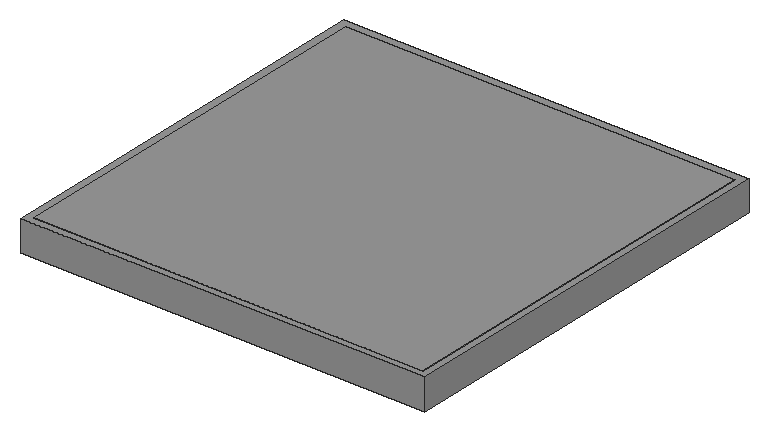
Revit family "ДВО-09 30 Вт Грильято DALI", category Осветительные приборы, Revit 2019 (continued)
Types (6, lengths in mm): name | Эффективность светильника | Файл фотометрической сетки | Тип рассеивателя | Световой поток модуля | built-in parameter 1150142 | Wattage | built-in parameter 1114217 | built-in parameter 1150134 | Lumens | built-in parameter 1150105 | Категория по ограничению яркости | built-in parameter 1150107 | built-in parameter 1150106 | Габаритная яркость | Артикул | URL
    0.0 0.0 0.0 0.0 0.0 0.0 0.0 0.0 0.0 0.0 0.0 0.0 0.0 0.0 0.0 0.0 0.0 0.0 0.0 0.0 0.0 0.0 0.0 0.0 0.0 0.0 0.0 0.0 0.0 0.0 0.0 0.0 0.0 0.0 0.0 0.0 0.0 0.0 0.0 0.0 0.0 0.0\r\n1213.1 1212.4 1211.4 1209.9 1207.9 1205.4 1202.5 1199.2 1195.4 1191.4 1186.7 1181.5 1176.1 1170.0 1163.6 1156.8 1149.5 1141.8 1133.8 1125.3 1116.3 1106.9 1097.4 1087.3 1076.9 1066.0 1055.1 1043.6 1032.1 1020.1 1007.7 995.1 982.0 968.3 954.5 940.5 926.0 911.6 896.4 881.5 865.6 850.1 833.9 817.7 801.0 784.3 767.3 750.5 733.2 716.1 698.4 680.8 662.5 644.3 625.5 606.7 587.4 568.2 548.4 528.9 509.0 489.1 468.8 448.8 428.2 407.8 387.1 366.6 345.6 325.0 304.0 283.4 262.5 242.3 221.7 201.9 182.0 162.7 143.6 124.9 107.4 90.3 74.6 59.7 46.8 35.2 26.0 18.6 13.5 10.1 7.9 6.9 6.3 6.1 6.2 6.2 6.2 6.2 6.3 6.4 0.0 0.0 0.0 0.0 0.0 0.0 0.0 0.0 0.0 0.0 0.0 0.0 0.0 0.0 0.0 0.0 0.0 0.0 0.0 0.0 0.0 0.0 0.0 0.0 0.0 0.0 0.0 0.0 0.0 0.0 0.0 0.0 0.0 0.0 0.0 0.0 0.0 0.0 0.0 0.0 0.0 0.0 0.0 0.0 0.0 0.0 0.0 0.0 0.0 0.0 0.0 0.0 0.0 0.0 0.0 0.0 0.0 0.0 0.0 0.0 0.0\r\n1213.1 1212.4 1211.2 1209.5 1207.3 1204.6 1201.4 1197.9 1193.9 1189.7 1184.8 1179.6 1173.9 1167.8 1161.1 1154.1 1146.5 1138.6 1130.3 1121.6 1112.5 1102.9 1093.3 1083.0 1072.6 1061.6 1050.5 1038.7 1027.0 1014.6 1002.0 989.0 975.7 961.8 947.9 933.7 919.2 904.6 889.6 874.5 859.0 843.5 827.5 811.2 794.7 777.8 760.8 743.6 726.1 708.5 690.7 672.6 654.3 635.8 617.2 598.2 579.1 559.8 540.3 520.6 500.6 480.7 460.3 440.2 419.4 399.0 378.2 357.6 336.7 316.2 295.3 275.0 254.3 234.4 214.1 194.5 175.0 156.0 137.2 119.1 101.8 85.3 70.0 55.8 43.3 32.6 23.9 17.1 12.4 9.3 7.5 6.7 6.4 6.3 6.4 6.4 6.3 6.4 6.5 6.6 0.0 0.0 0.0 0.0 0.0 0.0 0.0 0.0 0.0 0.0 0.0 0.0 0.0 0.0 0.0 0.0 0.0 0.0 0.0 0.0 0.0 0.0 0.0 0.0 0.0 0.0 0.0 0.0 0.0 0.0 0.0 0.0 0.0 0.0 0.0 0.0 0.0 0.0 0.0 0.0 0.0 0.0 0.0 0.0 0.0 0.0 0.0 0.0 0.0 0.0 0.0 0.0 0.0 0.0 0.0 0.0 0.0 0.0 0.0 0.0 0.0\r\n1213.1 1212.4 1211.0 1209.0 1206.6 1203.8 1200.3 1196.6 1192.3 1187.9 1182.9 1177.6 1171.6 1165.5 1158.5 1151.3 1143.5 1135.3 1126.8 1117.8 1108.6 1098.9 1089.1 1078.7 1068.2 1057.1 1045.8 1033.8 1021.8 1009.1 996.3 982.8 969.3 955.2 941.2 926.8 912.4 897.5 882.7 867.5 852.4 836.8 821.0 804.7 788.4 771.2 754.2 736.6 719.0 700.8 683.0 664.4 646.1 627.2 608.8 589.7 570.8 551.3 532.1 512.2 492.1 472.3 451.8 431.6 410.6 390.1 369.2 348.6 327.7 307.3 286.6 266.5 246.0 226.4 206.4 187.1 167.9 149.3 130.8 113.3 96.2 80.2 65.4 51.9 39.8 29.9 21.7 15.6 11.2 8.5 7.0 6.5 6.4 6.4 6.5 6.6 6.4 6.6 6.7 6.7 0.0 0.0 0.0 0.0 0.0 0.0 0.0 0.0 0.0 0.0 0.0 0.0 0.0 0.0 0.0 0.0 0.0 0.0 0.0 0.0 0.0 0.0 0.0 0.0 0.0 0.0 0.0 0.0 0.0 0.0 0.0 0.0 0.0 0.0 0.0 0.0 0.0 0.0 0.0 0.0 0.0 0.0 0.0 0.0 0.0 0.0 0.0 0.0 0.0 0.0 0.0 0.0 0.0 0.0 0.0 0.0 0.0 0.0 0.0 0.0 0.0\r\n1213.1 1212.5 1211.3 1209.5 1207.5 1205.0 1202.2 1198.8 1194.8 1190.7 1186.0 1181.0 1175.4 1169.1 1162.5 1155.4 1147.9 1140.1 1131.6 1123.0 1114.0 1104.9 1095.6 1085.8 1075.4 1064.4 1053.3 1041.6 1029.7 1017.2 1004.6 991.4 978.3 964.7 951.1 937.4 923.4 908.9 894.5 879.4 864.4 848.5 832.5 815.9 799.4 782.4 765.5 748.1 730.8 713.1 695.7 677.3 659.3 640.5 621.9 602.4 583.3 563.7 544.6 524.8 505.4 485.4 465.4 444.8 424.7 403.8 382.9 362.4 341.4 320.7 299.8 279.3 258.6 238.4 217.9 198.2 178.3 159.2 140.1 121.9 104.0 87.4 71.6 57.5 44.5 33.3 24.2 17.3 12.3 9.1 7.2 6.3 6.1 6.1 6.1 6.2 6.1 6.2 6.3 6.2 0.0 0.0 0.0 0.0 0.0 0.0 0.0 0.0 0.0 0.0 0.0 0.0 0.0 0.0 0.0 0.0 0.0 0.0 0.0 0.0 0.0 0.0 0.0 0.0 0.0 0.0 0.0 0.0 0.0 0.0 0.0 0.0 0.0 0.0 0.0 0.0 0.0 0.0 0.0 0.0 0.0 0.0 0.0 0.0 0.0 0.0 0.0 0.0 0.0 0.0 0.0 0.0 0.0 0.0 0.0 0.0 0.0 0.0 0.0 0.0 0.0\r\n1213.1 1212.5 1211.4 1209.7 1207.7 1205.2 1202.4 1199.0 1195.1 1191.1 1186.4 1181.3 1175.8 1169.6 1163.1 1156.1 1148.7 1141.0 1132.7 1124.2 1115.2 1105.9 1096.5 1086.6 1076.2 1065.2 1054.2 1042.6 1030.9 1018.7 1006.2 993.3 980.2 966.5 952.8 939.0 924.7 910.3 895.5 880.5 865.0 849.3 833.2 816.8 800.2 783.4 766.4 749.3 732.0 714.6 697.1 679.1 660.9 642.4 623.7 604.6 585.4 566.0 546.5 526.9 507.2 487.3 467.1 446.8 426.5 405.8 385.0 364.5 343.5 322.9 301.9 281.4 260.6 240.4 219.8 200.1 180.2 161.0 141.9 123.4 105.7 88.9 73.1 58.6 45.7 34.3 25.1 18.0 12.9 9.6 7.6 6.6 6.2 6.1 6.2 6.2 6.2 6.2 6.3 6.3 0.0 0.0 0.0 0.0 0.0 0.0 0.0 0.0 0.0 0.0 0.0 0.0 0.0 0.0 0.0 0.0 0.0 0.0 0.0 0.0 0.0 0.0 0.0 0.0 0.0 0.0 0.0 0.0 0.0 0.0 0.0 0.0 0.0 0.0 0.0 0.0 0.0 0.0 0.0 0.0 0.0 0.0 0.0 0.0 0.0 0.0 0.0 0.0 0.0 0.0 0.0 0.0 0.0 0.0 0.0 0.0 0.0 0.0 0.0 0.0 0.0\r\n1213.1 1212.4 1211.4 1209.9 1207.9 1205.4 1202.5 1199.2 1195.4 1191.4 1186.7 1181.5 1176.1 1170.0 1163.6 1156.8 1149.5 1141.8 1133.8 1125.3 1116.3 1106.9 1097.4 1087.3 1076.9 1066.0 1055.1 1043.6 1032.1 1020.1 1007.7 995.1 982.0 968.3 954.5 940.5 926.0 911.6 896.4 881.5 865.6 850.1 833.9 817.7 801.0 784.3 767.3 750.5 733.2 716.1 698.4 680.8 662.5 644.3 625.5 606.7 587.4 568.2 548.4 528.9 509.0 489.1 468.8 448.8 428.2 407.8 387.1 366.6 345.6 325.0 304.0 283.4 262.5 242.3 221.7 201.9 182.0 162.7 143.6 124.9 107.4 90.3 74.6 59.7 46.8 35.2 26.0 18.6 13.5 10.1 7.9 6.9 6.3 6.1 6.2 6.2 6.2 6.2 6.3 6.4 0.0 0.0 0.0 0.0 0.0 0.0 0.0 0.0 0.0 0.0 0.0 0.0 0.0 0.0 0.0 0.0 0.0 0.0 0.0 0.0 0.0 0.0 0.0 0.0 0.0 0.0 0.0 0.0 0.0 0.0 0.0 0.0 0.0 0.0 0.0 0.0 0.0 0.0 0.0 0.0 0.0 0.0 0.0 0.0 0.0 0.0 0.0 0.0 0.0 0.0 0.0 0.0 0.0 0.0 0.0 0.0 0.0 0.0 0.0 0.0 0.0\r\n1213.1 1212.4 1211.2 1209.5 1207.3 1204.6 1201.4 1197.9 1193.9 1189.7 1184.8 1179.6 1173.9 1167.8 1161.1 1154.1 1146.5 1138.6 1130.3 1121.6 1112.5 1102.9 1093.3 1083.0 1072.6 1061.6 1050.5 1038.7 1027.0 1014.6 1002.0 989.0 975.7 961.8 947.9 933.7 919.2 904.6 889.6 874.5 859.0 843.5 827.5 811.2 794.7 777.8 760.8 743.6 726.1 708.5 690.7 672.6 654.3 635.8 617.2 598.2 579.1 559.8 540.3 520.6 500.6 480.7 460.3 440.2 419.4 399.0 378.2 357.6 336.7 316.2 295.3 275.0 254.3 234.4 214.1 194.5 175.0 156.0 137.2 119.1 101.8 85.3 70.0 55.8 43.3 32.6 23.9 17.1 12.4 9.3 7.5 6.7 6.4 6.3 6.4 6.4 6.3 6.4 6.5 6.6 0.0 0.0 0.0 0.0 0.0 0.0 0.0 0.0 0.0 0.0 0.0 0.0 0.0 0.0 0.0 0.0 0.0 0.0 0.0 0.0 0.0 0.0 0.0 0.0 0.0 0.0 0.0 0.0 0.0 0.0 0.0 0.0 0.0 0.0 0.0 0.0 0.0 0.0 0.0 0.0 0.0 0.0 0.0 0.0 0.0 0.0 0.0 0.0 0.0 0.0 0.0 0.0 0.0 0.0 0.0 0.0 0.0 0.0 0.0 0.0 0.0\r\n1213.1 1212.4 1211.0 1209.0 1206.6 1203.8 1200.3 1196.6 1192.3 1187.9 1182.9 1177.6 1171.6 1165.5 1158.5 1151.3 1143.5 1135.3 1126.8 1117.8 1108.6 1098.9 1089.1 1078.7 1068.2 1057.1 1045.8 1033.8 1021.8 1009.1 996.3 982.8 969.3 955.2 941.2 926.8 912.4 897.5 882.7 867.5 852.4 836.8 821.0 804.7 788.4 771.2 754.2 736.6 719.0 700.8 683.0 664.4 646.1 627.2 608.8 589.7 570.8 551.3 532.1 512.2 492.1 472.3 451.8 431.6 410.6 390.1 369.2 348.6 327.7 307.3 286.6 266.5 246.0 226.4 206.4 187.1 167.9 149.3 130.8 113.3 96.2 80.2 65.4 51.9 39.8 29.9 21.7 15.6 11.2 8.5 7.0 6.5 6.4 6.4 6.5 6.6 6.4 6.6 6.7 6.7 0.0 0.0 0.0 0.0 0.0 0.0 0.0 0.0 0.0 0.0 0.0 0.0 0.0 0.0 0.0 0.0 0.0 0.0 0.0 0.0 0.0 0.0 0.0 0.0 0.0 0.0 0.0 0.0 0.0 0.0 0.0 0.0 0.0 0.0 0.0 0.0 0.0 0.0 0.0 0.0 0.0 0.0 0.0 0.0 0.0 0.0 0.0 0.0 0.0 0.0 0.0 0.0 0.0 0.0 0.0 0.0 0.0 0.0 0.0 0.0 0.0\r\n1213.1 1212.5 1211.3 1209.5 1207.5 1205.0 1202.2 1198.8 1194.8 1190.7 1186.0 1181.0 1175.4 1169.1 1162.5 1155.4 1147.9 1140.1 1131.6 1123.0 1114.0 1104.9 1095.6 1085.8 1075.4 1064.4 1053.3 1041.6 1029.7 1017.2 1004.6 991.4 978.3 964.7 951.1 937.4 923.4 908.9 894.5 879.4 864.4 848.5 832.5 815.9 799.4 782.4 765.5 748.1 730.8 713.1 695.7 677.3 659.3 640.5 621.9 602.4 583.3 563.7 544.6 524.8 505.4 485.4 465.4 444.8 424.7 403.8 382.9 362.4 341.4 320.7 299.8 279.3 258.6 238.4 217.9 198.2 178.3 159.2 140.1 121.9 104.0 87.4 71.6 57.5 44.5 33.3 24.2 17.3 12.3 9.1 7.2 6.3 6.1 6.1 6.1 6.2 6.1 6.2 6.3 6.2 0.0 0.0 0.0 0.0 0.0 0.0 0.0 0.0 0.0 0.0 0.0 0.0 0.0 0.0 0.0 0.0 0.0 0.0 0.0 0.0 0.0 0.0 0.0 0.0 0.0 0.0 0.0 0.0 0.0 0.0 0.0 0.0 0.0 0.0 0.0 0.0 0.0 0.0 0.0 0.0 0.0 0.0 0.0 0.0 0.0 0.0 0.0 0.0 0.0 0.0 0.0 0.0 0.0 0.0 0.0 0.0 0.0 0.0 0.0 0.0 0.0\r\n1213.1 1212.5 1211.4 1209.7 1207.7 1205.2 1202.4 1199.0 1195.1 1191.1 1186.4 1181.3 1175.8 1169.6 1163.1 1156.1 1148.7 1141.0 1132.7 1124.2 1115.2 1105.9 1096.5 1086.6 1076.2 1065.2 1054.2 1042.6 1030.9 1018.7 1006.2 993.3 980.2 966.5 952.8 939.0 924.7 910.3 895.5 880.5 865.0 849.3 833.2 816.8 800.2 783.4 766.4 749.3 732.0 714.6 697.1 679.1 660.9 642.4 623.7 604.6 585.4 566.0 546.5 526.9 507.2 487.3 467.1 446.8 426.5 405.8 385.0 364.5 343.5 322.9 301.9 281.4 260.6 240.4 219.8 200.1 180.2 161.0 141.9 123.4 105.7 88.9 73.1 58.6 45.7 34.3 25.1 18.0 12.9 9.6 7.6 6.6 6.2 6.1 6.2 6.2 6.2 6.2 6.3 6.3 0.0 0.0 0.0 0.0 0.0 0.0 0.0 0.0 0.0 0.0 0.0 0.0 0.0 0.0 0.0 0.0 0.0 0.0 0.0 0.0 0.0 0.0 0.0 0.0 0.0 0.0 0.0 0.0 0.0 0.0 0.0 0.0 0.0 0.0 0.0 0.0 0.0 0.0 0.0 0.0 0.0 0.0 0.0 0.0 0.0 0.0 0.0 0.0 0.0 0.0 0.0 0.0 0.0 0.0 0.0 0.0 0.0 0.0 0.0 0.0 0.0\r\n1213.1 1212.4 1211.4 1209.9 1207.9 1205.4 1202.5 1199.2 1195.4 1191.4 1186.7 1181.5 1176.1 1170.0 1163.6 1156.8 1149.5 1141.8 1133.8 1125.3 1116.3 1106.9 1097.4 1087.3 1076.9 1066.0 1055.1 1043.6 1032.1 1020.1 1007.7 995.1 982.0 968.3 954.5 940.5 926.0 911.6 896.4 881.5 865.6 850.1 833.9 817.7 801.0 784.3 767.3 750.5 733.2 716.1 698.4 680.8 662.5 644.3 625.5 606.7 587.4 568.2 548.4 528.9 509.0 489.1 468.8 448.8 428.2 407.8 387.1 366.6 345.6 325.0 304.0 283.4 262.5 242.3 221.7 201.9 182.0 162.7 143.6 124.9 107.4 90.3 74.6 59.7 46.8 35.2 26.0 18.6 13.5 10.1 7.9 6.9 6.3 6.1 6.2 6.2 6.2 6.2 6.3 6.4 0.0 0.0 0.0 0.0 0.0 0.0 0.0 0.0 0.0 0.0 0.0 0.0 0.0 0.0 0.0 0.0 0.0 0.0 0.0 0.0 0.0 0.0 0.0 0.0 0.0 0.0 0.0 0.0 0.0 0.0 0.0 0.0 0.0 0.0 0.0 0.0 0.0 0.0 0.0 0.0 0.0 0.0 0.0 0.0 0.0 0.0 0.0 0.0 0.0 0.0 0.0 0.0 0.0 0.0 0.0 0.0 0.0 0.0 0.0 0.0 0.0\r\n1213.1 1212.4 1211.2 1209.5 1207.3 1204.6 1201.4 1197.9 1193.9 1189.7 1184.8 1179.6 1173.9 1167.8 1161.1 1154.1 1146.5 1138.6 1130.3 1121.6 1112.5 1102.9 1093.3 1083.0 1072.6 1061.6 1050.5 1038.7 1027.0 1014.6 1002.0 989.0 975.7 961.8 947.9 933.7 919.2 904.6 889.6 874.5 859.0 843.5 827.5 811.2 794.7 777.8 760.8 743.6 726.1 708.5 690.7 672.6 654.3 635.8 617.2 598.2 579.1 559.8 540.3 520.6 500.6 480.7 460.3 440.2 419.4 399.0 378.2 357.6 336.7 316.2 295.3 275.0 254.3 234.4 214.1 194.5 175.0 156.0 137.2 119.1 101.8 85.3 70.0 55.8 43.3 32.6 23.9 17.1 12.4 9.3 7.5 6.7 6.4 6.3 6.4 6.4 6.3 6.4 6.5 6.6 0.0 0.0 0.0 0.0 0.0 0.0 0.0 0.0 0.0 0.0 0.0 0.0 0.0 0.0 0.0 0.0 0.0 0.0 0.0 0.0 0.0 0.0 0.0 0.0 0.0 0.0 0.0 0.0 0.0 0.0 0.0 0.0 0.0 0.0 0.0 0.0 0.0 0.0 0.0 0.0 0.0 0.0 0.0 0.0 0.0 0.0 0.0 0.0 0.0 0.0 0.0 0.0 0.0 0.0 0.0 0.0 0.0 0.0 0.0 0.0 0.0\r\n1213.1 1212.4 1211.0 1209.0 1206.6 1203.8 1200.3 1196.6 1192.3 1187.9 1182.9 1177.6 1171.6 1165.5 1158.5 1151.3 1143.5 1135.3 1126.8 1117.8 1108.6 1098.9 1089.1 1078.7 1068.2 1057.1 1045.8 1033.8 1021.8 1009.1 996.3 982.8 969.3 955.2 941.2 926.8 912.4 897.5 882.7 867.5 852.4 836.8 821.0 804.7 788.4 771.2 754.2 736.6 719.0 700.8 683.0 664.4 646.1 627.2 608.8 589.7 570.8 551.3 532.1 512.2 492.1 472.3 451.8 431.6 410.6 390.1 369.2 348.6 327.7 307.3 286.6 266.5 246.0 226.4 206.4 187.1 167.9 149.3 130.8 113.3 96.2 80.2 65.4 51.9 39.8 29.9 21.7 15.6 11.2 8.5 7.0 6.5 6.4 6.4 6.5 6.6 6.4 6.6 6.7 6.7 0.0 0.0 0.0 0.0 0.0 0.0 0.0 0.0 0.0 0.0 0.0 0.0 0.0 0.0 0.0 0.0 0.0 0.0 0.0 0.0 0.0 0.0 0.0 0.0 0.0 0.0 0.0 0.0 0.0 0.0 0.0 0.0 0.0 0.0 0.0 0.0 0.0 0.0 0.0 0.0 0.0 0.0 0.0 0.0 0.0 0.0 0.0 0.0 0.0 0.0 0.0 0.0 0.0 0.0 0.0 0.0 0.0 0.0 0.0 0.0 0.0\r\n1213.1 1212.5 1211.3 1209.5 1207.5 1205.0 1202.2 1198.8 1194.8 1190.7 1186.0 1181.0 1175.4 1169.1 1162.5 1155.4 1147.9 1140.1 1131.6 1123.0 1114.0 1104.9 1095.6 1085.8 1075.4 1064.4 1053.3 1041.6 1029.7 1017.2 1004.6 991.4 978.3 964.7 951.1 937.4 923.4 908.9 894.5 879.4 864.4 848.5 832.5 815.9 799.4 782.4 765.5 748.1 730.8 713.1 695.7 677.3 659.3 640.5 621.9 602.4 583.3 563.7 544.6 524.8 505.4 485.4 465.4 444.8 424.7 403.8 382.9 362.4 341.4 320.7 299.8 279.3 258.6 238.4 217.9 198.2 178.3 159.2 140.1 121.9 104.0 87.4 71.6 57.5 44.5 33.3 24.2 17.3 12.3 9.1 7.2 6.3 6.1 6.1 6.1 6.2 6.1 6.2 6.3 6.2 0.0 0.0 0.0 0.0 0.0 0.0 0.0 0.0 0.0 0.0 0.0 0.0 0.0 0.0 0.0 0.0 0.0 0.0 0.0 0.0 0.0 0.0 0.0 0.0 0.0 0.0 0.0 0.0 0.0 0.0 0.0 0.0 0.0 0.0 0.0 0.0 0.0 0.0 0.0 0.0 0.0 0.0 0.0 0.0 0.0 0.0 0.0 0.0 0.0 0.0 0.0 0.0 0.0 0.0 0.0 0.0 0.0 0.0 0.0 0.0 0.0\r\n1213.1 1212.5 1211.4 1209.7 1207.7 1205.2 1202.4 1199.0 1195.1 1191.1 1186.4 1181.3 1175.8 1169.6 1163.1 1156.1 1148.7 1141.0 1132.7 1124.2 1115.2 1105.9 1096.5 1086.6 1076.2 1065.2 1054.2 1042.6 1030.9 1018.7 1006.2 993.3 980.2 966.5 952.8 939.0 924.7 910.3 895.5 880.5 865.0 849.3 833.2 816.8 800.2 783.4 766.4 749.3 732.0 714.6 697.1 679.1 660.9 642.4 623.7 604.6 585.4 566.0 546.5 526.9 507.2 487.3 467.1 446.8 426.5 405.8 385.0 364.5 343.5 322.9 301.9 281.4 260.6 240.4 219.8 200.1 180.2 161.0 141.9 123.4 105.7 88.9 73.1 58.6 45.7 34.3 25.1 18.0 12.9 9.6 7.6 6.6 6.2 6.1 6.2 6.2 6.2 6.2 6.3 6.3 0.0 0.0 0.0 0.0 0.0 0.0 0.0 0.0 0.0 0.0 0.0 0.0 0.0 0.0 0.0 0.0 0.0 0.0 0.0 0.0 0.0 0.0 0.0 0.0 0.0 0.0 0.0 0.0 0.0 0.0 0.0 0.0 0.0 0.0 0.0 0.0 0.0 0.0 0.0 0.0 0.0 0.0 0.0 0.0 0.0 0.0 0.0 0.0 0.0 0.0 0.0 0.0 0.0 0.0 0.0 0.0 0.0 0.0 0.0 0.0 0.0\r\n1213.1 1212.4 1211.4 1209.9 1207.9 1205.4 1202.5 1199.2 1195.4 1191.4 1186.7 1181.5 1176.1 1170.0 1163.6 1156.8 1149.5 1141.8 1133.8 1125.3 1116.3 1106.9 1097.4 1087.3 1076.9 1066.0 1055.1 1043.6 1032.1 1020.1 1007.7 995.1 982.0 968.3 954.5 940.5 926.0 911.6 896.4 881.5 865.6 850.1 833.9 817.7 801.0 784.3 767.3 750.5 733.2 716.1 698.4 680.8 662.5 644.3 625.5 606.7 587.4 568.2 548.4 528.9 509.0 489.1 468.8 448.8 428.2 407.8 387.1 366.6 345.6 325.0 304.0 283.4 262.5 242.3 221.7 201.9 182.0 162.7 143.6 124.9 107.4 90.3 74.6 59.7 46.8 35.2 26.0 18.6 13.5 10.1 7.9 6.9 6.3 6.1 6.2 6.2 6.2 6.2 6.3 6.4 0.0 0.0 0.0 0.0 0.0 0.0 0.0 0.0 0.0 0.0 0.0 0.0 0.0 0.0 0.0 0.0 0.0 0.0 0.0 0.0 0.0 0.0 0.0 0.0 0.0 0.0 0.0 0.0 0.0 0.0 0.0 0.0 0.0 0.0 0.0 0.0 0.0 0.0 0.0 0.0 0.0 0.0 0.0 0.0 0.0 0.0 0.0 0.0 0.0 0.0 0.0 0.0 0.0 0.0 0.0 0.0 0.0 0.0 0.0 0.0 0.0\r\n1213.1 1212.4 1211.2 1209.5 1207.3 1204.6 1201.4 1197.9 1193.9 1189.7 1184.8 1179.6 1173.9 1167.8 1161.1 1154.1 1146.5 1138.6 1130.3 1121.6 1112.5 1102.9 1093.3 1083.0 1072.6 1061.6 1050.5 1038.7 1027.0 1014.6 1002.0 989.0 975.7 961.8 947.9 933.7 919.2 904.6 889.6 874.5 859.0 843.5 827.5 811.2 794.7 777.8 760.8 743.6 726.1 708.5 690.7 672.6 654.3 635.8 617.2 598.2 579.1 559.8 540.3 520.6 500.6 480.7 460.3 440.2 419.4 399.0 378.2 357.6 336.7 316.2 295.3 275.0 254.3 234.4 214.1 194.5 175.0 156.0 137.2 119.1 101.8 85.3 70.0 55.8 43.3 32.6 23.9 17.1 12.4 9.3 7.5 6.7 6.4 6.3 6.4 6.4 6.3 6.4 6.5 6.6 0.0 0.0 0.0 0.0 0.0 0.0 0.0 0.0 0.0 0.0 0.0 0.0 0.0 0.0 0.0 0.0 0.0 0.0 0.0 0.0 0.0 0.0 0.0 0.0 0.0 0.0 0.0 0.0 0.0 0.0 0.0 0.0 0.0 0.0 0.0 0.0 0.0 0.0 0.0 0.0 0.0 0.0 0.0 0.0 0.0 0.0 0.0 0.0 0.0 0.0 0.0 0.0 0.0 0.0 0.0 0.0 0.0 0.0 0.0 0.0 0.0\r\n1213.1 1212.4 1211.0 1209.0 1206.6 1203.8 1200.3 1196.6 1192.3 1187.9 1182.9 1177.6 1171.6 1165.5 1158.5 1151.3 1143.5 1135.3 1126.8 1117.8 1108.6 1098.9 1089.1 1078.7 1068.2 1057.1 1045.8 1033.8 1021.8 1009.1 996.3 982.8 969.3 955.2 941.2 926.8 912.4 897.5 882.7 867.5 852.4 836.8 821.0 804.7 788.4 771.2 754.2 736.6 719.0 700.8 683.0 664.4 646.1 627.2 608.8 589.7 570.8 551.3 532.1 512.2 492.1 472.3 451.8 431.6 410.6 390.1 369.2 348.6 327.7 307.3 286.6 266.5 246.0 226.4 206.4 187.1 167.9 149.3 130.8 113.3 96.2 80.2 65.4 51.9 39.8 29.9 21.7 15.6 11.2 8.5 7.0 6.5 6.4 6.4 6.5 6.6 6.4 6.6 6.7 6.7 0.0 0.0 0.0 0.0 0.0 0.0 0.0 0.0 0.0 0.0 0.0 0.0 0.0 0.0 0.0 0.0 0.0 0.0 0.0 0.0 0.0 0.0 0.0 0.0 0.0 0.0 0.0 0.0 0.0 0.0 0.0 0.0 0.0 0.0 0.0 0.0 0.0 0.0 0.0 0.0 0.0 0.0 0.0 0.0 0.0 0.0 0.0 0.0 0.0 0.0 0.0 0.0 0.0 0.0 0.0 0.0 0.0 0.0 0.0 0.0 0.0\r\n1213.1 1212.5 1211.3 1209.5 1207.5 1205.0 1202.2 1198.8 1194.8 1190.7 1186.0 1181.0 1175.4 1169.1 1162.5 1155.4 1147.9 1140.1 1131.6 1123.0 1114.0 1104.9 1095.6 1085.8 1075.4 1064.4 1053.3 1041.6 1029.7 1017.2 1004.6 991.4 978.3 964.7 951.1 937.4 923.4 908.9 894.5 879.4 864.4 848.5 832.5 815.9 799.4 782.4 765.5 748.1 730.8 713.1 695.7 677.3 659.3 640.5 621.9 602.4 583.3 563.7 544.6 524.8 505.4 485.4 465.4 444.8 424.7 403.8 382.9 362.4 341.4 320.7 299.8 279.3 258.6 238.4 217.9 198.2 178.3 159.2 140.1 121.9 104.0 87.4 71.6 57.5 44.5 33.3 24.2 17.3 12.3 9.1 7.2 6.3 6.1 6.1 6.1 6.2 6.1 6.2 6.3 6.2 0.0 0.
